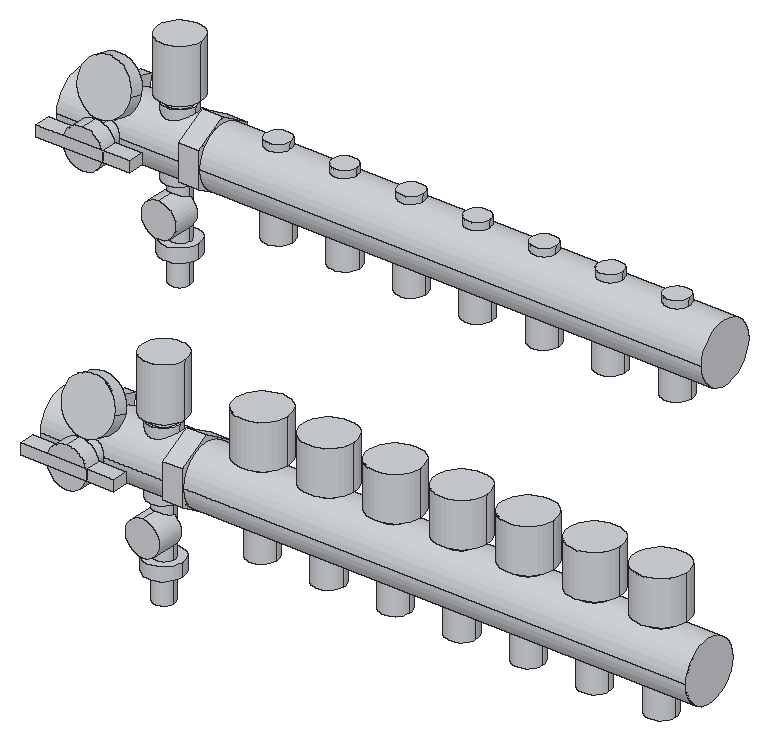
Revit family "318_dba5bdd3bf904ccfaea6eb69f10d79", category Pipe Accessories, Revit 2017
Family settings
  Round Connector Dimension = Use Diameter
  Part Type = Valve - Normal
  Work Plane-Based = No
  Always vertical = Yes
  Cut with Voids When Loaded = No
  Shared = No
Parameters (values of type "R553DK107")
  magi_piping_qv_2_7 [instance] = 0.0 L/s
  magi_piping_qv_2_6 [instance] = 0.0 L/s
  magi_piping_qv_2_5 [instance] = 0.0 L/s
  magi_piping_qv_2_4 [instance] = 0.0 L/s
  magi_piping_qv_2_3 [instance] = 0.0 L/s
  magi_piping_qv_2_2 [instance] = 0.0 L/s
  magi_piping_qv_2_1 [instance] = 0.0 L/s
  magi_piping_qv_1_7 [instance] = 0.0 L/s
  magi_piping_qv_1_6 [instance] = 0.0 L/s
  magi_piping_qv_1_5 [instance] = 0.0 L/s
  magi_piping_qv_1_4 [instance] = 0.0 L/s
  magi_piping_qv_1_3 [instance] = 0.0 L/s
  magi_piping_qv_1_2 [instance] = 0.0 L/s
  magi_piping_qv_1_1 [instance] = 0.0 L/s
  magi_piping_qv [instance] = 0.0 L/s
  magi_piping_power_7 [instance] = 0 W
  magi_piping_power_6 [instance] = 0 W
  magi_piping_power_5 [instance] = 0 W
  magi_piping_power_4 [instance] = 0 W
  magi_piping_power_3 [instance] = 0 W
  magi_piping_power_2 [instance] = 0 W
  magi_piping_power_1 [instance] = 0 W
  magi_piping_kv_7 [instance] = 0
  magi_piping_kv_6 [instance] = 0
  magi_piping_kv_5 [instance] = 0
  magi_piping_kv_4 [instance] = 0
  magi_piping_kv_3 [instance] = 0
  magi_piping_kv_2 [instance] = 0
  magi_piping_kv_1 [instance] = 0
  magi_piping_dpTot_7 [instance] = 0.0 Pa
  magi_piping_dpTot_6 [instance] = 0.0 Pa
  magi_piping_dpTot_5 [instance] = 0.0 Pa
  magi_piping_dpTot_4 [instance] = 0.0 Pa
  magi_piping_dpTot_3 [instance] = 0.0 Pa
  magi_piping_dpTot_2 [instance] = 0.0 Pa
  magi_piping_dpTot_1 [instance] = 0.0 Pa
  magi_adjustmentValue_7 [instance] = ""
  magi_adjustmentValue_6 [instance] = ""
  magi_adjustmentValue_5 [instance] = ""
  magi_adjustmentValue_4 [instance] = ""
  magi_adjustmentValue_3 [instance] = ""
  magi_adjustmentValue_2 [instance] = ""
  magi_adjustmentValue_1 [instance] = ""
  magiProductId = "dba5bdd3bf904ccfaea6eb69f10d79"
  magiProductFamilyId = "dba5bdd3bf904ccfaea6eb69f10d79"
  magiProductCode = "R553DK107"
  magiPartTypeId = 318
  Y = 15 mm
  VersionID = "2.0/2016.10.37.0/GIACOMINI_R553DK_001"
  URL = "http://www.giacomini.com/en"
  SMP = 25 mm
  SBP9 = 18 mm
  SBP8 = 18 mm
  SBP7 = 18 mm
  SBP6 = 18 mm
  SBP5 = 18 mm
  SBP4 = 18 mm
  SBP3 = 18 mm
  SBP2 = 18 mm
  SBP12 = 18 mm
  SBP11 = 18 mm
  SBP10 = 18 mm
  SBP1 = 18 mm
  RMP = 25 mm
  RBP9 = 18 mm
  RBP8 = 18 mm
  RBP7 = 18 mm
  RBP6 = 18 mm
  RBP5 = 18 mm
  RBP4 = 18 mm
  RBP3 = 18 mm
  RBP2 = 18 mm
  RBP12 = 18 mm
  RBP11 = 18 mm
  RBP10 = 18 mm
  RBP1 = 18 mm
  R2 = 22 mm
  QmdConnectorList = "321;SMP;322;SBP1;323;SBP2;324;SBP3;325;SBP4;326;SBP5;327;SBP6;328;SBP7;351;RMP;352;RBP1;353;RBP2;354;RBP3;355;RBP4;356;RBP5;357;RBP6;358;RBP7"
  Productdata [instance] = "© Progman Oy, all rights reserved"
  N9 = no
  N8 = no
  N7 = yes
  N6 = yes
  N5 = yes
  N4 = yes
  N3 = yes
  N12 = no
  N11 = no
  N10 = no
  Manufacturer = "Giacomini"
  MC_Default_elevation = 0 mm
  L = 485 mm
  I = 50 mm
  H5 = 33 mm
  H4 = 5 mm
  H3__ve = -H3  # -40 mm
  H3 = 40 mm
  H11 = 5 mm
  Flow supply main [instance] = Flow supply 1 + Flow supply 2 + Flow supply 3 + Flow supply 4 + Flow supply 5 + Flow supply 6 + Flow supply 7  # 0.0 L/s
  Flow supply 7 [instance] = 0.0 L/s
  Flow supply 6 [instance] = 0.0 L/s
  Flow supply 5 [instance] = 0.0 L/s
  Flow supply 4 [instance] = 0.0 L/s
  Flow supply 3 [instance] = 0.0 L/s
  Flow supply 2 [instance] = 0.0 L/s
  Flow supply 1 [instance] = 0.0 L/s
  Flow return main [instance] = Flow return 1 + Flow return 2 + Flow return 3 + Flow return 4 + Flow return 5 + Flow return 6 + Flow return 7  # 0.0 L/s
  Flow return 7 [instance] = 0.0 L/s
  Flow return 6 [instance] = 0.0 L/s
  Flow return 5 [instance] = 0.0 L/s
  Flow return 4 [instance] = 0.0 L/s
  Flow return 3 [instance] = 0.0 L/s
  Flow return 2 [instance] = 0.0 L/s
  Flow return 1 [instance] = 0.0 L/s
  E = 208 mm
  Description = "PREASSEMBLED MANIFOLD KIT"
  D5 = 38 mm
  D4 = 22 mm
  D31 = 18 mm
  D2 = 44 mm
  CAT0 = yes
  A = 149 mm
Reference planes
  plane 1 "Center (Front/Back)": y = 0
  plane 2 "XYPLANE": z = 0
  plane 3 "Center (Left/Right)": x = 0
  plane 4 "INIT_TEMP": y = 100
  plane 5 "379": x = 699
  plane 6 "378": x = 649
  plane 7 "377": x = 599
  plane 8 "376": x = 549
  plane 9 "375": x = 499
  plane 10 "374": x = 449
  plane 11 "373": x = 399
  plane 12 "372": x = 349
  plane 13 "371": x = 299
  plane 14 "369": x = 249
  plane 15 "368": x = 199
  plane 16 "367": x = 149
  plane 17 "366": z = 22
  plane 18 "365": z = 0
  plane 19 "364": z = -208
  plane 20 "363": y = -15
  plane 21 "362": y = 0
  plane 22 "361": x = 0
  plane 23 "360": z = -40
  plane 24 "359": z = -186
  plane 25 "358": z = -181
  plane 26 "357": z = -248
  plane 27 "356": x = 75
  plane 28 "355": z = 26
  plane 29 "354": x = 92
  plane 30 "353": z = 31
  plane 31 "352": z = -26
  plane 32 "351": z = -46
  plane 33 "350": z = -66
  plane 34 "349": z = 30
  plane 35 "348": x = 38
  plane 36 "347": y = -33
  plane 37 "346": z = 30
  plane 38 "345": y = -15
  plane 39 "344": z = -182
  plane 40 "343": z = -177
  plane 41 "342": z = -234
  plane 42 "341": z = -254
  plane 43 "340": z = -274
  plane 44 "339": z = -178
  plane 45 "338": y = -30
  plane 46 "337": z = -178
  plane 47 "336": y = -48
  plane 48 "1055": through (-712, 0, 30) normal (0, 0.2588, 0.9659)
  plane 49 "1056": through (-712, -15, 30) normal (0, -0.9659, 0.2588)
  plane 50 "1057": through (-712, -30, -178) normal (0, 0.9659, -0.2588)
  plane 51 "1058": through (-712, -15, -178) normal (0, -0.2588, -0.9659)
Forms (mm)
  Extrusion 1, solid, visible <- "N12"
    sketch origin (-750, 0, 22) x (1, 0, 0) y (0, 1, 0)
      loop
        circle (1449, 0) r 9
    from 0 to 5 <- "H11"
  Extrusion 2, solid, visible <- "N11"
    sketch origin (-750, 0, 22) x (1, 0, 0) y (0, 1, 0)
      loop
        circle (1399, 0) r 9
    from 0 to 5 <- "H11"
  Extrusion 3, solid, visible <- "N9"
    sketch origin (-750, 0, 22) x (1, 0, 0) y (0, 1, 0)
      loop
        circle (1299, 0) r 9
    from 0 to 5 <- "H11"
  Extrusion 4, solid, visible <- "N10"
    sketch origin (-750, 0, 22) x (1, 0, 0) y (0, 1, 0)
      loop
        circle (1349, 0) r 9
    from 0 to 5 <- "H11"
  Extrusion 5, solid, visible <- "N8"
    sketch origin (-750, 0, 22) x (1, 0, 0) y (0, 1, 0)
      loop
        circle (1249, 0) r 9
    from 0 to 5 <- "H11"
  Extrusion 6, solid, visible <- "N7"
    sketch origin (-750, 0, 22) x (1, 0, 0) y (0, 1, 0)
      loop
        circle (1199, 0) r 9
    from 0 to 5 <- "H11"
  Extrusion 7, solid, visible <- "N6"
    sketch origin (-750, 0, 22) x (1, 0, 0) y (0, 1, 0)
      loop
        circle (1149, 0) r 9
    from 0 to 5 <- "H11"
  Extrusion 8, solid, visible <- "N5"
    sketch origin (-750, 0, 22) x (1, 0, 0) y (0, 1, 0)
      loop
        circle (1099, 0) r 9
    from 0 to 5 <- "H11"
  Extrusion 9, solid, visible <- "N4"
    sketch origin (-750, 0, 22) x (1, 0, 0) y (0, 1, 0)
      loop
        circle (1049, 0) r 9
    from 0 to 5 <- "H11"
  Extrusion 10, solid, visible <- "N3"
    sketch origin (-750, 0, 22) x (1, 0, 0) y (0, 1, 0)
      loop
        circle (999, 0) r 9
    from 0 to 5 <- "H11"
  Extrusion 11, solid
    sketch origin (-750, 0, 22) x (1, 0, 0) y (0, 1, 0)
      loop
        circle (949, 0) r 9
    from 0 to 5 <- "H11"
  Extrusion 12, solid
    sketch origin (-750, 0, 22) x (1, 0, 0) y (0, 1, 0)
      loop
        circle (899, 0) r 9
    from 0 to 5 <- "H11"
  Extrusion 13, solid, visible <- "CAT0"
    sketch origin (0, -750, 0) x (0, 1, 0) y (0, 0, 1)
      loop
        circle (750, 0) r 22
    from 0 to 485 <- "L"
  Extrusion 14, solid
    sketch origin (-750, 0, 0) x (1, 0, 0) y (0, 1, 0)
      loop
        circle (899, 0) r 11
    from 0 to -40 <- "H3__ve"
  Extrusion 15, solid
    sketch origin (-750, 0, 0) x (1, 0, 0) y (0, 1, 0)
      loop
        circle (949, 0) r 11
    from 0 to -40 <- "H3__ve"
  Extrusion 16, solid, visible <- "N3"
    sketch origin (-750, 0, 0) x (1, 0, 0) y (0, 1, 0)
      loop
        circle (999, 0) r 11
    from 0 to -40 <- "H3__ve"
  Extrusion 17, solid, visible <- "N4"
    sketch origin (-750, 0, 0) x (1, 0, 0) y (0, 1, 0)
      loop
        circle (1049, 0) r 11
    from 0 to -40 <- "H3__ve"
  Extrusion 18, solid, visible <- "N5"
    sketch origin (-750, 0, 0) x (1, 0, 0) y (0, 1, 0)
      loop
        circle (1099, 0) r 11
    from 0 to -40 <- "H3__ve"
  Extrusion 19, solid, visible <- "N6"
    sketch origin (-750, 0, 0) x (1, 0, 0) y (0, 1, 0)
      loop
        circle (1149, 0) r 11
    from 0 to -40 <- "H3__ve"
  Extrusion 20, solid, visible <- "N7"
    sketch origin (-750, 0, 0) x (1, 0, 0) y (0, 1, 0)
      loop
        circle (1199, 0) r 11
    from 0 to -40 <- "H3__ve"
  Extrusion 21, solid, visible <- "N12"
    sketch origin (-750, 0, 0) x (1, 0, 0) y (0, 1, 0)
      loop
        circle (1449, 0) r 11
    from 0 to -40 <- "H3__ve"
  Extrusion 22, solid, visible <- "N11"
    sketch origin (-750, 0, 0) x (1, 0, 0) y (0, 1, 0)
      loop
        circle (1399, 0) r 11
    from 0 to -40 <- "H3__ve"
  Extrusion 23, solid, visible <- "N10"
    sketch origin (-750, 0, 0) x (1, 0, 0) y (0, 1, 0)
      loop
        circle (1349, 0) r 11
    from 0 to -40 <- "H3__ve"
  Extrusion 24, solid, visible <- "N9"
    sketch origin (-750, 0, 0) x (1, 0, 0) y (0, 1, 0)
      loop
        circle (1299, 0) r 11
    from 0 to -40 <- "H3__ve"
  Extrusion 25, solid, visible <- "N8"
    sketch origin (-750, 0, 0) x (1, 0, 0) y (0, 1, 0)
      loop
        circle (1249, 0) r 11
    from 0 to -40 <- "H3__ve"
  Extrusion 26, solid, visible <- "CAT0"
    sketch origin (0, -750, 0) x (0, 1, 0) y (0, 0, 1)
      loop
        circle (735, -208) r 22
    from 0 to 485 <- "L"
  Extrusion 27, solid
    sketch origin (-750, 0, -208) x (1, 0, 0) y (0, 1, 0)
      loop
        circle (949, -15) r 11
    from 0 to -40 <- "H3__ve"
  Extrusion 28, solid
    sketch origin (-750, 0, -208) x (1, 0, 0) y (0, 1, 0)
      loop
        circle (899, -15) r 11
    from 0 to -40 <- "H3__ve"
  Extrusion 29, solid, visible <- "N3"
    sketch origin (-750, 0, -208) x (1, 0, 0) y (0, 1, 0)
      loop
        circle (999, -15) r 11
    from 0 to -40 <- "H3__ve"
  Extrusion 30, solid
    sketch origin (-750, 0, -186) x (1, 0, 0) y (0, 1, 0)
      loop
        circle (899, -15) r 11
    from 0 to 5 <- "H4"
  Extrusion 31, solid
    sketch origin (-750, 0, -181) x (1, 0, 0) y (0, 1, 0)
      loop
        circle (899, -15) r 19
    from 0 to 33 <- "H5"
  Extrusion 32, solid
    sketch origin (-750, 0, -181) x (1, 0, 0) y (0, 1, 0)
      loop
        circle (949, -15) r 19
    from 0 to 33 <- "H5"
  Extrusion 33, solid
    sketch origin (-750, 0, -186) x (1, 0, 0) y (0, 1, 0)
      loop
        circle (949, -15) r 11
    from 0 to 5 <- "H4"
  Extrusion 34, solid, visible <- "N3"
    sketch origin (-750, 0, -186) x (1, 0, 0) y (0, 1, 0)
      loop
        circle (999, -15) r 11
    from 0 to 5 <- "H4"
  Extrusion 35, solid, visible <- "N3"
    sketch origin (-750, 0, -181) x (1, 0, 0) y (0, 1, 0)
      loop
        circle (999, -15) r 19
    from 0 to 33 <- "H5"
  Extrusion 36, solid, visible <- "N4"
    sketch origin (-750, 0, -181) x (1, 0, 0) y (0, 1, 0)
      loop
        circle (1049, -15) r 19
    from 0 to 33 <- "H5"
  Extrusion 37, solid, visible <- "N4"
    sketch origin (-750, 0, -186) x (1, 0, 0) y (0, 1, 0)
      loop
        circle (1049, -15) r 11
    from 0 to 5 <- "H4"
  Extrusion 38, solid, visible <- "N4"
    sketch origin (-750, 0, -208) x (1, 0, 0) y (0, 1, 0)
      loop
        circle (1049, -15) r 11
    from 0 to -40 <- "H3__ve"
  Extrusion 39, solid, visible <- "N5"
    sketch origin (-750, 0, -208) x (1, 0, 0) y (0, 1, 0)
      loop
        circle (1099, -15) r 11
    from 0 to -40 <- "H3__ve"
  Extrusion 40, solid, visible <- "N5"
    sketch origin (-750, 0, -186) x (1, 0, 0) y (0, 1, 0)
      loop
        circle (1099, -15) r 11
    from 0 to 5 <- "H4"
  Extrusion 41, solid, visible <- "N5"
    sketch origin (-750, 0, -181) x (1, 0, 0) y (0, 1, 0)
      loop
        circle (1099, -15) r 19
    from 0 to 33 <- "H5"
  Extrusion 42, solid, visible <- "N6"
    sketch origin (-750, 0, -181) x (1, 0, 0) y (0, 1, 0)
      loop
        circle (1149, -15) r 19
    from 0 to 33 <- "H5"
  Extrusion 43, solid, visible <- "N6"
    sketch origin (-750, 0, -186) x (1, 0, 0) y (0, 1, 0)
      loop
        circle (1149, -15) r 11
    from 0 to 5 <- "H4"
  Extrusion 44, solid, visible <- "N6"
    sketch origin (-750, 0, -208) x (1, 0, 0) y (0, 1, 0)
      loop
        circle (1149, -15) r 11
    from 0 to -40 <- "H3__ve"
  Extrusion 45, solid, visible <- "N7"
    sketch origin (-750, 0, -208) x (1, 0, 0) y (0, 1, 0)
      loop
        circle (1199, -15) r 11
    from 0 to -40 <- "H3__ve"
  Extrusion 46, solid, visible <- "N7"
    sketch origin (-750, 0, -186) x (1, 0, 0) y (0, 1, 0)
      loop
        circle (1199, -15) r 11
    from 0 to 5 <- "H4"
  Extrusion 47, solid, visible <- "N7"
    sketch origin (-750, 0, -181) x (1, 0, 0) y (0, 1, 0)
      loop
        circle (1199, -15) r 19
    from 0 to 33 <- "H5"
  Extrusion 48, solid, visible <- "N9"
    sketch origin (-750, 0, -181) x (1, 0, 0) y (0, 1, 0)
      loop
        circle (1299, -15) r 19
    from 0 to 33 <- "H5"
  Extrusion 49, solid, visible <- "N9"
    sketch origin (-750, 0, -186) x (1, 0, 0) y (0, 1, 0)
      loop
        circle (1299, -15) r 11
    from 0 to 5 <- "H4"
  Extrusion 50, solid, visible <- "N9"
    sketch origin (-750, 0, -208) x (1, 0, 0) y (0, 1, 0)
      loop
        circle (1299, -15) r 11
    from 0 to -40 <- "H3__ve"
  Extrusion 51, solid, visible <- "N8"
    sketch origin (-750, 0, -208) x (1, 0, 0) y (0, 1, 0)
      loop
        circle (1249, -15) r 11
    from 0 to -40 <- "H3__ve"
  Extrusion 52, solid, visible <- "N8"
    sketch origin (-750, 0, -186) x (1, 0, 0) y (0, 1, 0)
      loop
        circle (1249, -15) r 11
    from 0 to 5 <- "H4"
  Extrusion 53, solid, visible <- "N8"
    sketch origin (-750, 0, -181) x (1, 0, 0) y (0, 1, 0)
      loop
        circle (1249, -15) r 19
    from 0 to 33 <- "H5"
  Extrusion 54, solid, visible <- "N11"
    sketch origin (-750, 0, -181) x (1, 0, 0) y (0, 1, 0)
      loop
        circle (1399, -15) r 19
    from 0 to 33 <- "H5"
  Extrusion 55, solid, visible <- "N11"
    sketch origin (-750, 0, -186) x (1, 0, 0) y (0, 1, 0)
      loop
        circle (1399, -15) r 11
    from 0 to 5 <- "H4"
  Extrusion 56, solid, visible <- "N11"
    sketch origin (-750, 0, -208) x (1, 0, 0) y (0, 1, 0)
      loop
        circle (1399, -15) r 11
    from 0 to -40 <- "H3__ve"
  Extrusion 57, solid, visible <- "N12"
    sketch origin (-750, 0, -208) x (1, 0, 0) y (0, 1, 0)
      loop
        circle (1449, -15) r 11
    from 0 to -40 <- "H3__ve"
  Extrusion 58, solid, visible <- "N12"
    sketch origin (-750, 0, -186) x (1, 0, 0) y (0, 1, 0)
      loop
        circle (1449, -15) r 11
    from 0 to 5 <- "H4"
  Extrusion 59, solid, visible <- "N12"
    sketch origin (-750, 0, -181) x (1, 0, 0) y (0, 1, 0)
      loop
        circle (1449, -15) r 19
    from 0 to 33 <- "H5"
  Extrusion 60, solid, visible <- "N10"
    sketch origin (-750, 0, -181) x (1, 0, 0) y (0, 1, 0)
      loop
        circle (1349, -15) r 19
    from 0 to 33 <- "H5"
  Extrusion 61, solid, visible <- "N10"
    sketch origin (-750, 0, -186) x (1, 0, 0) y (0, 1, 0)
      loop
        circle (1349, -15) r 11
    from 0 to 5 <- "H4"
  Extrusion 62, solid, visible <- "N10"
    sketch origin (-750, 0, -208) x (1, 0, 0) y (0, 1, 0)
      loop
        circle (1349, -15) r 11
    from 0 to -40 <- "H3__ve"
  Extrusion 63, solid
    sketch origin (-750, 0, 26) x (1, 0, 0) y (0, 1, 0)
      loop
        circle (825, 0) r 12
    from 0 to -52
  Extrusion 64, solid
    sketch origin (92, -750, 0) x (0, 1, 0) y (0, 0, 1)
      loop
        line (750, 26) -> (727.483, 13) -> (727.483, -13) -> (750, -26) -> (772.517, -13) -> (772.517, 13) -> (750, 26)
    from 0 to 15
  Extrusion 65, solid
    sketch origin (-750, 0, 26) x (1, 0, 0) y (0, 1, 0)
      loop
        circle (825, 0) r 10
    from 0 to 5
  Extrusion 66, solid
    sketch origin (-750, 0, 31) x (1, 0, 0) y (0, 1, 0)
      loop
        circle (825, 0) r 16
    from 0 to 40
  Extrusion 67, solid
    sketch origin (-750, 0, -26) x (1, 0, 0) y (0, 1, 0)
      loop
        circle (825, 0) r 7.5
    from 0 to -70
  Extrusion 68, solid
    sketch origin (750, 0, 0) x (-1, 0, 0) y (0, 0, 1)
      loop
        circle (675, -46) r 13
    from 0 to -20
  Extrusion 69, solid
    sketch origin (-750, 0, -66) x (1, 0, 0) y (0, 1, 0)
      loop
        circle (825, 0) r 14
    from 0 to -10
  Extrusion 70, solid
    sketch origin (750, -33, 0) x (-1, 0, 0) y (0, 0, 1)
      loop
        circle (712, 0) r 15
    from 0 to -12
  Extrusion 71, solid
    sketch origin (-712, 0, 30) x (1, 0, 0) y (0, 0.965926, -0.258819)
      loop
        line (746, 15) -> (746, -15) -> (754, -15) -> (754, 15) -> (746, 15)
    from 0 to -18
  Extrusion 72, solid
    sketch origin (750, 0, 0) x (-1, 0, 0) y (0, 0, 1)
      loop
        circle (712, 0) r 9
    from 0 to -33
  Extrusion 73, solid
    sketch origin (750, -33, 0) x (-1, 0, 0) y (0, 0, 1)
      loop
        line (677, 4) -> (677, -4) -> (747, -4) -> (747, 4) -> (677, 4)
    from 0 to -12
  Extrusion 74, solid
    sketch origin (-712, -15, 30) x (1, 0, 0) y (0, 0.258819, 0.965926)
      loop
        circle (750, 0) r 20
    from 0 to 10
  Extrusion 75, solid
    sketch origin (-750, 0, -274) x (1, 0, 0) y (0, 1, 0)
      loop
        circle (825, -15) r 14
    from 0 to -10
  Extrusion 76, solid
    sketch origin (750, -15, 0) x (-1, 0, 0) y (0, 0, 1)
      loop
        circle (675, -254) r 13
    from 0 to -20
  Extrusion 77, solid
    sketch origin (-750, 0, -234) x (1, 0, 0) y (0, 1, 0)
      loop
        circle (825, -15) r 7.5
    from 0 to -70
  Extrusion 78, solid
    sketch origin (-750, 0, -177) x (1, 0, 0) y (0, 1, 0)
      loop
        circle (825, -15) r 16
    from 0 to 40
  Extrusion 79, solid
    sketch origin (-750, 0, -182) x (1, 0, 0) y (0, 1, 0)
      loop
        circle (825, -15) r 10
    from 0 to 5
  Extrusion 80, solid
    sketch origin (92, -750, 0) x (0, 1, 0) y (0, 0, 1)
      loop
        line (735, -182) -> (712.483, -195) -> (712.483, -221) -> (735, -234) -> (757.517, -221) -> (757.517, -195) -> (735, -182)
    from 0 to 15
  Extrusion 81, solid
    sketch origin (-750, 0, -182) x (1, 0, 0) y (0, 1, 0)
      loop
        circle (825, -15) r 12
    from 0 to -52
  Extrusion 82, solid
    sketch origin (-712, -30, -178) x (1, 0, 0) y (0, -0.258819, -0.965926)
      loop
        circle (750, 0) r 20
    from 0 to -10
  Extrusion 83, solid
    sketch origin (750, -48, 0) x (-1, 0, 0) y (0, 0, 1)
      loop
        line (677, -204) -> (677, -212) -> (747, -212) -> (747, -204) -> (677, -204)
    from 0 to -12
  Extrusion 84, solid
    sketch origin (750, -15, 0) x (-1, 0, 0) y (0, 0, 1)
      loop
        circle (712, -208) r 9
    from 0 to -33
  Extrusion 85, solid
    sketch origin (-712, -15, -178) x (1, 0, 0) y (0, -0.965926, 0.258819)
      loop
        line (746, -15) -> (754, -15) -> (754, 15) -> (746, 15) -> (746, -15)
    from 0 to 18
  Extrusion 86, solid
    sketch origin (750, -48, 0) x (-1, 0, 0) y (0, 0, 1)
      loop
        circle (712, -208) r 15
    from 0 to -12
  Extrusion 87, solid, not visible
    sketch origin (-750, 0, -40) x (1, 0, 0) y (0, 1, 0)
      loop
        circle (949, 0) r 10
    from 0 to 10
  Extrusion 88, solid, not visible
    sketch origin (-750, 0, -40) x (1, 0, 0) y (0, 1, 0)
      loop
        circle (899, 0) r 10
    from 0 to 10
  Extrusion 89, solid, not visible
    sketch origin (0, -750, 0) x (0, 1, 0) y (0, 0, 1)
      loop
        circle (735, -208) r 10
    from 0 to 10
  Extrusion 90, solid, not visible
    sketch origin (0, -750, 0) x (0, 1, 0) y (0, 0, 1)
      loop
        circle (750, 0) r 10
    from 0 to 10
  Extrusion 91, solid, not visible
    sketch origin (-750, 0, -40) x (1, 0, 0) y (0, 1, 0)
      loop
        circle (999, 0) r 10
    from 0 to 10
  Extrusion 92, solid, not visible
    sketch origin (-750, 0, -40) x (1, 0, 0) y (0, 1, 0)
      loop
        circle (1049, 0) r 10
    from 0 to 10
  Extrusion 93, solid, not visible
    sketch origin (-750, 0, -40) x (1, 0, 0) y (0, 1, 0)
      loop
        circle (1099, 0) r 10
    from 0 to 10
  Extrusion 94, solid, not visible
    sketch origin (-750, 0, -40) x (1, 0, 0) y (0, 1, 0)
      loop
        circle (1149, 0) r 10
    from 0 to 10
  Extrusion 95, solid, not visible
    sketch origin (-750, 0, -40) x (1, 0, 0) y (0, 1, 0)
      loop
        circle (1199, 0) r 10
    from 0 to 10
  Extrusion 96, solid, not visible
    sketch origin (-750, 0, -248) x (1, 0, 0) y (0, 1, 0)
      loop
        circle (999, -15) r 10
    from 0 to 10
  Extrusion 97, solid, not visible
    sketch origin (-750, 0, -248) x (1, 0, 0) y (0, 1, 0)
      loop
        circle (899, -15) r 10
    from 0 to 10
  Extrusion 98, solid, not visible
    sketch origin (-750, 0, -248) x (1, 0, 0) y (0, 1, 0)
      loop
        circle (949, -15) r 10
    from 0 to 10
  Extrusion 99, solid, not visible
    sketch origin (-750, 0, -248) x (1, 0, 0) y (0, 1, 0)
      loop
        circle (1049, -15) r 10
    from 0 to 10
  Extrusion 100, solid, not visible
    sketch origin (-750, 0, -248) x (1, 0, 0) y (0, 1, 0)
      loop
        circle (1099, -15) r 10
    from 0 to 10
  Extrusion 101, solid, not visible
    sketch origin (-750, 0, -248) x (1, 0, 0) y (0, 1, 0)
      loop
        circle (1149, -15) r 10
    from 0 to 10
  Extrusion 102, solid, not visible
    sketch origin (-750, 0, -248) x (1, 0, 0) y (0, 1, 0)
      loop
        circle (1199, -15) r 10
    from 0 to 10
Text (mm)
  text "© Progman Oy, all rights reserved" at (-472.209, -2482.653, 0), in view "Ref. Level"
Dimensions and locks
  plane 4 "INIT_TEMP" to plane 1 "Center (Front/Back)" = 100 mm
  "I": plane 6 "378" to plane 5 "379"
  "I": plane 7 "377" to plane 6 "378"
  "I": plane 8 "376" to plane 7 "377"
  "I": plane 9 "375" to plane 8 "376"
  "I": plane 10 "374" to plane 9 "375"
  "I": plane 11 "373" to plane 10 "374"
  "I": plane 12 "372" to plane 11 "373"
  "I": plane 13 "371" to plane 12 "372"
  "I": plane 14 "369" to plane 13 "371"
  "I": plane 15 "368" to plane 14 "369"
  "I": plane 16 "367" to plane 15 "368"
  "A": plane 3 "Center (Left/Right)" to plane 16 "367"
  "R2": plane 2 "XYPLANE" to plane 17 "366"
  locked: plane 2 "XYPLANE" to plane 18 "365"
  "E": plane 2 "XYPLANE" to plane 19 "364"
  "Y": plane 1 "Center (Front/Back)" to plane 20 "363"
  locked: plane 1 "Center (Front/Back)" to plane 21 "362"
  locked: plane 3 "Center (Left/Right)" to plane 22 "361"
  "H3": plane 2 "XYPLANE" to plane 23 "360"
  "R2": plane 19 "364" to plane 24 "359"
  "H4": plane 24 "359" to plane 25 "358"
  "H3": plane 19 "364" to plane 26 "357"
  locked: plane 3 "Center (Left/Right)" to plane 27 "356" at 75
  locked: plane 2 "XYPLANE" to plane 28 "355" at 26
  locked: plane 27 "356" to plane 29 "354" at 17
  locked: plane 28 "355" to plane 30 "353" at 5
  locked: plane 28 "355" to plane 31 "352" at 52
  locked: plane 31 "352" to plane 32 "351" at 20
  locked: plane 31 "352" to plane 33 "350" at 40
  locked: plane 2 "XYPLANE" to plane 34 "349" at 30
  locked: plane 3 "Center (Left/Right)" to plane 35 "348" at 38
  locked: plane 1 "Center (Front/Back)" to plane 36 "347" at 33
  locked: plane 2 "XYPLANE" to plane 37 "346" at 30
  locked: plane 1 "Center (Front/Back)" to plane 38 "345" at 15
  locked: plane 19 "364" to plane 39 "344" at 26
  locked: plane 39 "344" to plane 40 "343" at 5
  locked: plane 39 "344" to plane 41 "342" at 52
  locked: plane 41 "342" to plane 42 "341" at 20
  locked: plane 41 "342" to plane 43 "340" at 40
  locked: plane 19 "364" to plane 44 "339" at 30
  locked: plane 20 "363" to plane 45 "338" at 15
  locked: plane 19 "364" to plane 46 "337" at 30
  locked: plane 20 "363" to plane 47 "336" at 33
  "D31": diameter of Extrusion 1 sketch curve
  "D31": diameter of Extrusion 2 sketch curve
  "D31": diameter of Extrusion 3 sketch curve
  "D31": diameter of Extrusion 4 sketch curve
  "D31": diameter of Extrusion 5 sketch curve
  "D31": diameter of Extrusion 6 sketch curve
  "D31": diameter of Extrusion 7 sketch curve
  "D31": diameter of Extrusion 8 sketch curve
  "D31": diameter of Extrusion 9 sketch curve
  "D31": diameter of Extrusion 10 sketch curve
  "D31": diameter of Extrusion 11 sketch curve
  "D31": diameter of Extrusion 12 sketch curve
  "D2": diameter of Extrusion 13 sketch curve
  "D4": diameter of Extrusion 14 sketch curve
  "D4": diameter of Extrusion 15 sketch curve
  "D4": diameter of Extrusion 16 sketch curve
  "D4": diameter of Extrusion 17 sketch curve
  "D4": diameter of Extrusion 18 sketch curve
  "D4": diameter of Extrusion 19 sketch curve
  "D4": diameter of Extrusion 20 sketch curve
  "D4": diameter of Extrusion 21 sketch curve
  "D4": diameter of Extrusion 22 sketch curve
  "D4": diameter of Extrusion 23 sketch curve
  "D4": diameter of Extrusion 24 sketch curve
  "D4": diameter of Extrusion 25 sketch curve
  "D2": diameter of Extrusion 26 sketch curve
  "D4": diameter of Extrusion 27 sketch curve
  "D4": diameter of Extrusion 28 sketch curve
  "D4": diameter of Extrusion 29 sketch curve
  "D4": diameter of Extrusion 30 sketch curve
  "D5": diameter of Extrusion 31 sketch curve
  "D5": diameter of Extrusion 32 sketch curve
  "D4": diameter of Extrusion 33 sketch curve
  "D4": diameter of Extrusion 34 sketch curve
  "D5": diameter of Extrusion 35 sketch curve
  "D5": diameter of Extrusion 36 sketch curve
  "D4": diameter of Extrusion 37 sketch curve
  "D4": diameter of Extrusion 38 sketch curve
  "D4": diameter of Extrusion 39 sketch curve
  "D4": diameter of Extrusion 40 sketch curve
  "D5": diameter of Extrusion 41 sketch curve
  "D5": diameter of Extrusion 42 sketch curve
  "D4": diameter of Extrusion 43 sketch curve
  "D4": diameter of Extrusion 44 sketch curve
  "D4": diameter of Extrusion 45 sketch curve
  "D4": diameter of Extrusion 46 sketch curve
  "D5": diameter of Extrusion 47 sketch curve
  "D5": diameter of Extrusion 48 sketch curve
  "D4": diameter of Extrusion 49 sketch curve
  "D4": diameter of Extrusion 50 sketch curve
  "D4": diameter of Extrusion 51 sketch curve
  "D4": diameter of Extrusion 52 sketch curve
  "D5": diameter of Extrusion 53 sketch curve
  "D5": diameter of Extrusion 54 sketch curve
  "D4": diameter of Extrusion 55 sketch curve
  "D4": diameter of Extrusion 56 sketch curve
  "D4": diameter of Extrusion 57 sketch curve
  "D4": diameter of Extrusion 58 sketch curve
  "D5": diameter of Extrusion 59 sketch curve
  "D5": diameter of Extrusion 60 sketch curve
  "D4": diameter of Extrusion 61 sketch curve
  "D4": diameter of Extrusion 62 sketch curve
  aligned and locked: level to plane 2 "XYPLANE"
  aligned and locked: plane 5 "379" to Extrusion 1 sketch curve
  aligned and locked: plane 21 "362" to Extrusion 1 sketch curve
  aligned and locked: plane 6 "378" to Extrusion 2 sketch curve
  aligned and locked: plane 21 "362" to Extrusion 2 sketch curve
  aligned and locked: plane 8 "376" to Extrusion 3 sketch curve
  aligned and locked: plane 21 "362" to Extrusion 3 sketch curve
  aligned and locked: plane 7 "377" to Extrusion 4 sketch curve
  aligned and locked: plane 21 "362" to Extrusion 4 sketch curve
  aligned and locked: plane 9 "375" to Extrusion 5 sketch curve
  aligned and locked: plane 21 "362" to Extrusion 5 sketch curve
  aligned and locked: plane 10 "374" to Extrusion 6 sketch curve
  aligned and locked: plane 21 "362" to Extrusion 6 sketch curve
  aligned and locked: plane 11 "373" to Extrusion 7 sketch curve
  aligned and locked: plane 21 "362" to Extrusion 7 sketch curve
  aligned and locked: plane 12 "372" to Extrusion 8 sketch curve
  aligned and locked: plane 21 "362" to Extrusion 8 sketch curve
  aligned and locked: plane 13 "371" to Extrusion 9 sketch curve
  aligned and locked: plane 21 "362" to Extrusion 9 sketch curve
  aligned and locked: plane 14 "369" to Extrusion 10 sketch curve
  aligned and locked: plane 21 "362" to Extrusion 10 sketch curve
  aligned and locked: plane 15 "368" to Extrusion 11 sketch curve
  aligned and locked: plane 21 "362" to Extrusion 11 sketch curve
  aligned and locked: plane 16 "367" to Extrusion 12 sketch curve
  aligned and locked: plane 21 "362" to Extrusion 12 sketch curve
  aligned and locked: plane 18 "365" to Extrusion 13 sketch curve
  aligned and locked: Extrusion 13 sketch curve to plane 21 "362"
  aligned and locked: plane 16 "367" to Extrusion 14 sketch curve
  aligned and locked: plane 21 "362" to Extrusion 14 sketch curve
  aligned and locked: plane 15 "368" to Extrusion 15 sketch curve
  aligned and locked: plane 21 "362" to Extrusion 15 sketch curve
  aligned and locked: plane 14 "369" to Extrusion 16 sketch curve
  aligned and locked: plane 21 "362" to Extrusion 16 sketch curve
  aligned and locked: plane 13 "371" to Extrusion 17 sketch curve
  aligned and locked: plane 21 "362" to Extrusion 17 sketch curve
  aligned and locked: plane 12 "372" to Extrusion 18 sketch curve
  aligned and locked: plane 21 "362" to Extrusion 18 sketch curve
  aligned and locked: plane 11 "373" to Extrusion 19 sketch curve
  aligned and locked: plane 21 "362" to Extrusion 19 sketch curve
  aligned and locked: plane 10 "374" to Extrusion 20 sketch curve
  aligned and locked: plane 21 "362" to Extrusion 20 sketch curve
  aligned and locked: plane 5 "379" to Extrusion 21 sketch curve
  aligned and locked: plane 21 "362" to Extrusion 21 sketch curve
  aligned and locked: plane 6 "378" to Extrusion 22 sketch curve
  aligned and locked: plane 21 "362" to Extrusion 22 sketch curve
  aligned and locked: plane 7 "377" to Extrusion 23 sketch curve
  aligned and locked: plane 21 "362" to Extrusion 23 sketch curve
  aligned and locked: plane 8 "376" to Extrusion 24 sketch curve
  aligned and locked: plane 21 "362" to Extrusion 24 sketch curve
  aligned and locked: plane 9 "375" to Extrusion 25 sketch curve
  aligned and locked: plane 21 "362" to Extrusion 25 sketch curve
  aligned and locked: plane 19 "364" to Extrusion 26 sketch curve
  aligned and locked: Extrusion 26 sketch curve to plane 20 "363"
  aligned and locked: plane 15 "368" to Extrusion 27 sketch curve
  aligned and locked: plane 20 "363" to Extrusion 27 sketch curve
  aligned and locked: plane 16 "367" to Extrusion 28 sketch curve
  aligned and locked: plane 20 "363" to Extrusion 28 sketch curve
  aligned and locked: plane 14 "369" to Extrusion 29 sketch curve
  aligned and locked: plane 20 "363" to Extrusion 29 sketch curve
  aligned and locked: plane 16 "367" to Extrusion 30 sketch curve
  aligned and locked: plane 20 "363" to Extrusion 30 sketch curve
  aligned and locked: plane 16 "367" to Extrusion 31 sketch curve
  aligned and locked: plane 20 "363" to Extrusion 31 sketch curve
  aligned and locked: plane 15 "368" to Extrusion 32 sketch curve
  aligned and locked: plane 20 "363" to Extrusion 32 sketch curve
  aligned and locked: plane 15 "368" to Extrusion 33 sketch curve
  aligned and locked: plane 20 "363" to Extrusion 33 sketch curve
  aligned and locked: plane 14 "369" to Extrusion 34 sketch curve
  aligned and locked: plane 20 "363" to Extrusion 34 sketch curve
  aligned and locked: plane 14 "369" to Extrusion 35 sketch curve
  aligned and locked: plane 20 "363" to Extrusion 35 sketch curve
  aligned and locked: plane 13 "371" to Extrusion 36 sketch curve
  aligned and locked: plane 20 "363" to Extrusion 36 sketch curve
  aligned and locked: plane 13 "371" to Extrusion 37 sketch curve
  aligned and locked: plane 20 "363" to Extrusion 37 sketch curve
  aligned and locked: plane 13 "371" to Extrusion 38 sketch curve
  aligned and locked: plane 20 "363" to Extrusion 38 sketch curve
  aligned and locked: plane 12 "372" to Extrusion 39 sketch curve
  aligned and locked: plane 20 "363" to Extrusion 39 sketch curve
  aligned and locked: plane 12 "372" to Extrusion 40 sketch curve
  aligned and locked: plane 20 "363" to Extrusion 40 sketch curve
  aligned and locked: plane 12 "372" to Extrusion 41 sketch curve
  aligned and locked: plane 20 "363" to Extrusion 41 sketch curve
  aligned and locked: plane 11 "373" to Extrusion 42 sketch curve
  aligned and locked: plane 20 "363" to Extrusion 42 sketch curve
  aligned and locked: plane 11 "373" to Extrusion 43 sketch curve
  aligned and locked: plane 20 "363" to Extrusion 43 sketch curve
  aligned and locked: plane 11 "373" to Extrusion 44 sketch curve
  aligned and locked: plane 20 "363" to Extrusion 44 sketch curve
  aligned and locked: plane 10 "374" to Extrusion 45 sketch curve
  aligned and locked: plane 20 "363" to Extrusion 45 sketch curve
  aligned and locked: plane 10 "374" to Extrusion 46 sketch curve
  aligned and locked: plane 20 "363" to Extrusion 46 sketch curve
  aligned and locked: plane 10 "374" to Extrusion 47 sketch curve
  aligned and locked: plane 20 "363" to Extrusion 47 sketch curve
  aligned and locked: plane 8 "376" to Extrusion 48 sketch curve
  aligned and locked: plane 20 "363" to Extrusion 48 sketch curve
  aligned and locked: plane 8 "376" to Extrusion 49 sketch curve
  aligned and locked: plane 20 "363" to Extrusion 49 sketch curve
  aligned and locked: plane 8 "376" to Extrusion 50 sketch curve
  aligned and locked: plane 20 "363" to Extrusion 50 sketch curve
  aligned and locked: plane 9 "375" to Extrusion 51 sketch curve
  aligned and locked: plane 20 "363" to Extrusion 51 sketch curve
  aligned and locked: plane 9 "375" to Extrusion 52 sketch curve
  aligned and locked: plane 20 "363" to Extrusion 52 sketch curve
  aligned and locked: plane 9 "375" to Extrusion 53 sketch curve
  aligned and locked: plane 20 "363" to Extrusion 53 sketch curve
  aligned and locked: plane 6 "378" to Extrusion 54 sketch curve
  aligned and locked: plane 20 "363" to Extrusion 54 sketch curve
  aligned and locked: plane 6 "378" to Extrusion 55 sketch curve
  aligned and locked: plane 20 "363" to Extrusion 55 sketch curve
  aligned and locked: plane 6 "378" to Extrusion 56 sketch curve
  aligned and locked: plane 20 "363" to Extrusion 56 sketch curve
  aligned and locked: plane 5 "379" to Extrusion 57 sketch curve
  aligned and locked: plane 20 "363" to Extrusion 57 sketch curve
  aligned and locked: plane 5 "379" to Extrusion 58 sketch curve
  aligned and locked: plane 20 "363" to Extrusion 58 sketch curve
  aligned and locked: plane 5 "379" to Extrusion 59 sketch curve
  aligned and locked: plane 20 "363" to Extrusion 59 sketch curve
  aligned and locked: plane 7 "377" to Extrusion 60 sketch curve
  aligned and locked: plane 20 "363" to Extrusion 60 sketch curve
  aligned and locked: plane 7 "377" to Extrusion 61 sketch curve
  aligned and locked: plane 20 "363" to Extrusion 61 sketch curve
  aligned and locked: plane 7 "377" to Extrusion 62 sketch curve
  aligned and locked: plane 20 "363" to Extrusion 62 sketch curve
  aligned and locked: plane 21 "362" to Extrusion 63 sketch curve
  aligned and locked: plane 27 "356" to Extrusion 63 sketch curve
  aligned and locked: plane 21 "362" to Extrusion 65 sketch curve
  aligned and locked: plane 27 "356" to Extrusion 65 sketch curve
  aligned and locked: plane 21 "362" to Extrusion 66 sketch curve
  aligned and locked: plane 27 "356" to Extrusion 66 sketch curve
  aligned and locked: plane 21 "362" to Extrusion 67 sketch curve
  aligned and locked: plane 27 "356" to Extrusion 67 sketch curve
  aligned and locked: plane 27 "356" to Extrusion 68 sketch curve
  aligned and locked: plane 32 "351" to Extrusion 68 sketch curve
  aligned and locked: plane 21 "362" to Extrusion 69 sketch curve
  aligned and locked: plane 27 "356" to Extrusion 69 sketch curve
  aligned and locked: plane 18 "365" to Extrusion 70 sketch curve
  aligned and locked: plane 35 "348" to Extrusion 70 sketch curve
  aligned and locked: plane 18 "365" to Extrusion 72 sketch curve
  aligned and locked: plane 35 "348" to Extrusion 72 sketch curve
  aligned and locked: plane 35 "348" to Extrusion 74 sketch curve
  aligned and locked: plane 20 "363" to Extrusion 75 sketch curve
  aligned and locked: plane 27 "356" to Extrusion 75 sketch curve
  aligned and locked: plane 27 "356" to Extrusion 76 sketch curve
  aligned and locked: plane 42 "341" to Extrusion 76 sketch curve
  aligned and locked: plane 20 "363" to Extrusion 77 sketch curve
  aligned and locked: plane 27 "356" to Extrusion 77 sketch curve
  aligned and locked: plane 20 "363" to Extrusion 78 sketch curve
  aligned and locked: plane 27 "356" to Extrusion 78 sketch curve
  aligned and locked: plane 20 "363" to Extrusion 79 sketch curve
  aligned and locked: plane 27 "356" to Extrusion 79 sketch curve
  aligned and locked: plane 20 "363" to Extrusion 81 sketch curve
  aligned and locked: plane 27 "356" to Extrusion 81 sketch curve
  aligned and locked: plane 35 "348" to Extrusion 82 sketch curve
  aligned and locked: plane 19 "364" to Extrusion 84 sketch curve
  aligned and locked: plane 35 "348" to Extrusion 84 sketch curve
  aligned and locked: plane 19 "364" to Extrusion 86 sketch curve
  aligned and locked: plane 35 "348" to Extrusion 86 sketch curve
  aligned and locked: plane 15 "368" to Extrusion 87 sketch curve
  aligned and locked: plane 21 "362" to Extrusion 87 sketch curve
  aligned and locked: plane 16 "367" to Extrusion 88 sketch curve
  aligned and locked: plane 21 "362" to Extrusion 88 sketch curve
  aligned and locked: plane 19 "364" to Extrusion 89 sketch curve
  aligned and locked: Extrusion 89 sketch curve to plane 20 "363"
  aligned and locked: plane 18 "365" to Extrusion 90 sketch curve
  aligned and locked: Extrusion 90 sketch curve to plane 21 "362"
  aligned and locked: plane 14 "369" to Extrusion 91 sketch curve
  aligned and locked: plane 21 "362" to Extrusion 91 sketch curve
  aligned and locked: plane 13 "371" to Extrusion 92 sketch curve
  aligned and locked: plane 21 "362" to Extrusion 92 sketch curve
  aligned and locked: plane 12 "372" to Extrusion 93 sketch curve
  aligned and locked: plane 21 "362" to Extrusion 93 sketch curve
  aligned and locked: plane 11 "373" to Extrusion 94 sketch curve
  aligned and locked: plane 21 "362" to Extrusion 94 sketch curve
  aligned and locked: plane 10 "374" to Extrusion 95 sketch curve
  aligned and locked: plane 21 "362" to Extrusion 95 sketch curve
  aligned and locked: plane 14 "369" to Extrusion 96 sketch curve
  aligned and locked: plane 20 "363" to Extrusion 96 sketch curve
  aligned and locked: plane 16 "367" to Extrusion 97 sketch curve
  aligned and locked: plane 20 "363" to Extrusion 97 sketch curve
  aligned and locked: plane 15 "368" to Extrusion 98 sketch curve
  aligned and locked: plane 20 "363" to Extrusion 98 sketch curve
  aligned and locked: plane 13 "371" to Extrusion 99 sketch curve
  aligned and locked: plane 20 "363" to Extrusion 99 sketch curve
  aligned and locked: plane 12 "372" to Extrusion 100 sketch curve
  aligned and locked: plane 20 "363" to Extrusion 100 sketch curve
  aligned and locked: plane 11 "373" to Extrusion 101 sketch curve
  aligned and locked: plane 20 "363" to Extrusion 101 sketch curve
  aligned and locked: plane 10 "374" to Extrusion 102 sketch curve
  aligned and locked: plane 20 "363" to Extrusion 102 sketch curve
Automatic sketch dimensions
  Extrusion 63 sketch curve to plane 27 "356" = 12 mm
  Extrusion 64 sketch curve to plane 1 "Center (Front/Back)" = 0 mm  (x2)
  Extrusion 64 sketch curve to plane 31 "352" = 0 mm
  Extrusion 64 sketch curve to plane 28 "355" = 0 mm
  plane 45 "338" to Extrusion 64 sketch curve = 7.483 mm
  Extrusion 64 sketch curve to plane 17 "366" = 9 mm  (x2)
  Extrusion 64 sketch curve to plane 1 "Center (Front/Back)" = 22.517 mm
  Extrusion 64 sketch curve to level = 13 mm  (x2)
  Extrusion 65 sketch curve to plane 27 "356" = 10 mm
  Extrusion 66 sketch curve to plane 27 "356" = 16 mm
  Extrusion 67 sketch curve to plane 27 "356" = 7.5 mm
  plane 33 "350" to Extrusion 68 sketch curve = 7 mm
  Extrusion 69 sketch curve to plane 27 "356" = 14 mm
  plane 31 "352" to Extrusion 70 sketch curve = 11 mm
  Extrusion 71 sketch curve to plane 35 "348" = 4 mm
  plane 49 "1056" to Extrusion 71 sketch curve = 0.511 mm
  plane 35 "348" to Extrusion 71 sketch curve = 4 mm
  Extrusion 71 sketch curve to plane 50 "1057" = 9.857 mm
  Extrusion 72 sketch curve to level = 9 mm
  Extrusion 73 sketch curve to plane 27 "356" = 2 mm
  plane 3 "Center (Left/Right)" to Extrusion 73 sketch curve = 3 mm
  Extrusion 73 sketch curve to level = 4 mm
  level to Extrusion 73 sketch curve = 4 mm
  Extrusion 74 sketch curve to plane 48 "1055" = 3.882 mm
  plane 3 "Center (Left/Right)" to Extrusion 74 sketch curve = 18 mm
  Extrusion 75 sketch curve to plane 27 "356" = 14 mm
  plane 43 "340" to Extrusion 76 sketch curve = 7 mm
  Extrusion 77 sketch curve to plane 27 "356" = 7.5 mm
  Extrusion 78 sketch curve to plane 27 "356" = 16 mm
  Extrusion 79 sketch curve to plane 27 "356" = 10 mm
  Extrusion 80 sketch curve to plane 20 "363" = 0 mm  (x2)
  Extrusion 80 sketch curve to plane 41 "342" = 0 mm
  Extrusion 80 sketch curve to plane 39 "344" = 0 mm
  Extrusion 80 sketch curve to plane 36 "347" = 4.517 mm
  Extrusion 80 sketch curve to plane 1 "Center (Front/Back)" = 7.517 mm
  Extrusion 80 sketch curve to plane 19 "364" = 13 mm  (x2)
  Extrusion 80 sketch curve to plane 24 "359" = 9 mm  (x2)
  Extrusion 81 sketch curve to plane 27 "356" = 12 mm
  plane 51 "1058" to Extrusion 82 sketch curve = 3.882 mm
  plane 3 "Center (Left/Right)" to Extrusion 82 sketch curve = 18 mm
  Extrusion 83 sketch curve to plane 27 "356" = 2 mm
  plane 3 "Center (Left/Right)" to Extrusion 83 sketch curve = 3 mm
  Extrusion 83 sketch curve to plane 19 "364" = 4 mm
  plane 19 "364" to Extrusion 83 sketch curve = 4 mm
  Extrusion 84 sketch curve to plane 19 "364" = 9 mm
  Extrusion 85 sketch curve to plane 35 "348" = 4 mm
  Extrusion 85 sketch curve to plane 50 "1057" = 0.511 mm
  plane 35 "348" to Extrusion 85 sketch curve = 4 mm
  plane 50 "1057" to Extrusion 85 sketch curve = 29.489 mm
  plane 41 "342" to Extrusion 86 sketch curve = 11 mm
  plane 20 "363" to Extrusion 87 sketch curve = 5 mm
  plane 20 "363" to Extrusion 88 sketch curve = 5 mm
  plane 45 "338" to Extrusion 89 sketch curve = 5 mm
  plane 20 "363" to Extrusion 90 sketch curve = 5 mm
  plane 20 "363" to Extrusion 91 sketch curve = 5 mm
  plane 20 "363" to Extrusion 92 sketch curve = 5 mm
  plane 20 "363" to Extrusion 93 sketch curve = 5 mm
  plane 20 "363" to Extrusion 94 sketch curve = 5 mm
  plane 20 "363" to Extrusion 95 sketch curve = 5 mm
  plane 45 "338" to Extrusion 96 sketch curve = 5 mm
  plane 45 "338" to Extrusion 97 sketch curve = 5 mm
  plane 45 "338" to Extrusion 98 sketch curve = 5 mm
  plane 45 "338" to Extrusion 99 sketch curve = 5 mm
  plane 45 "338" to Extrusion 100 sketch curve = 5 mm
  plane 45 "338" to Extrusion 101 sketch curve = 5 mm
  plane 45 "338" to Extrusion 102 sketch curve = 5 mm
Connectors
  piping at (0, 0, 0), diameter 25, driven by "Flow supply main", driven by "SMP"
    settings: on Extrusion 90, index 1, connector inside diameter 609.6 mm, connector length 0 mm, flow factor 0, pipe flow 0.0 L/s, pressure drop 0.0 Pa, fitting loss kfactor 0, connector angle 0.00°, fixture units 0, engagement length 0 mm, angle of deflection 0.00°, flow configuration 1, flow direction 1, fitting loss method 0, system type 7, joint type 0, gender type 0, connector reference index -1, connector utility 0, adjustable connector no, is connector primary yes, connector description "Main_1_1"
  piping at (149, 0, -40), diameter 18, driven by "Flow supply 1", driven by "SBP1"
    settings: on Extrusion 88, index 2, connector inside diameter 609.6 mm, connector length 0 mm, flow factor 0, pipe flow 0.0 L/s, pressure drop 0.0 Pa, fitting loss kfactor 0, connector angle 0.00°, fixture units 0, engagement length 0 mm, angle of deflection 0.00°, flow configuration 0, flow direction 2, fitting loss method 0, system type 7, joint type 0, gender type 0, connector reference index -1, connector utility 0, adjustable connector no, is connector primary no, connector description "Branch_1_1"
  piping at (199, 0, -40), diameter 18, driven by "Flow supply 2", driven by "SBP2"
    settings: on Extrusion 87, index 3, connector inside diameter 609.6 mm, connector length 0 mm, flow factor 0, pipe flow 0.0 L/s, pressure drop 0.0 Pa, fitting loss kfactor 0, connector angle 0.00°, fixture units 0, engagement length 0 mm, angle of deflection 0.00°, flow configuration 0, flow direction 2, fitting loss method 0, system type 7, joint type 0, gender type 0, connector reference index -1, connector utility 0, adjustable connector no, is connector primary no, connector description "Branch_1_2"
  piping at (249, 0, -40), diameter 18, driven by "Flow supply 3", driven by "SBP3"
    settings: on Extrusion 91, index 4, connector inside diameter 609.6 mm, connector length 0 mm, flow factor 0, pipe flow 0.0 L/s, pressure drop 0.0 Pa, fitting loss kfactor 0, connector angle 0.00°, fixture units 0, engagement length 0 mm, angle of deflection 0.00°, flow configuration 0, flow direction 2, fitting loss method 0, system type 7, joint type 0, gender type 0, connector reference index -1, connector utility 0, adjustable connector no, is connector primary no, connector description "Branch_1_3"
  piping at (299, 0, -40), diameter 18, driven by "Flow supply 4", driven by "SBP4"
    settings: on Extrusion 92, index 5, connector inside diameter 609.6 mm, connector length 0 mm, flow factor 0, pipe flow 0.0 L/s, pressure drop 0.0 Pa, fitting loss kfactor 0, connector angle 0.00°, fixture units 0, engagement length 0 mm, angle of deflection 0.00°, flow configuration 0, flow direction 2, fitting loss method 0, system type 7, joint type 0, gender type 0, connector reference index -1, connector utility 0, adjustable connector no, is connector primary no, connector description "Branch_1_4"
  piping at (349, 0, -40), diameter 18, driven by "Flow supply 5", driven by "SBP5"
    settings: on Extrusion 93, index 6, connector inside diameter 609.6 mm, connector length 0 mm, flow factor 0, pipe flow 0.0 L/s, pressure drop 0.0 Pa, fitting loss kfactor 0, connector angle 0.00°, fixture units 0, engagement length 0 mm, angle of deflection 0.00°, flow configuration 0, flow direction 2, fitting loss method 0, system type 7, joint type 0, gender type 0, connector reference index -1, connector utility 0, adjustable connector no, is connector primary no, connector description "Branch_1_5"
  piping at (399, 0, -40), diameter 18, driven by "Flow supply 6", driven by "SBP6"
    settings: on Extrusion 94, index 7, connector inside diameter 609.6 mm, connector length 0 mm, flow factor 0, pipe flow 0.0 L/s, pressure drop 0.0 Pa, fitting loss kfactor 0, connector angle 0.00°, fixture units 0, engagement length 0 mm, angle of deflection 0.00°, flow configuration 0, flow direction 2, fitting loss method 0, system type 7, joint type 0, gender type 0, connector reference index -1, connector utility 0, adjustable connector no, is connector primary no, connector description "Branch_1_6"
  piping at (449, 0, -40), diameter 18, driven by "Flow supply 7", driven by "SBP7"
    settings: on Extrusion 95, index 8, connector inside diameter 609.6 mm, connector length 0 mm, flow factor 0, pipe flow 0.0 L/s, pressure drop 0.0 Pa, fitting loss kfactor 0, connector angle 0.00°, fixture units 0, engagement length 0 mm, angle of deflection 0.00°, flow configuration 0, flow direction 2, fitting loss method 0, system type 7, joint type 0, gender type 0, connector reference index -1, connector utility 0, adjustable connector no, is connector primary no, connector description "Branch_1_7"
  piping at (0, -15, -208), diameter 25, driven by "Flow return main", driven by "RMP"
    settings: on Extrusion 89, index 9, connector inside diameter 609.6 mm, connector length 0 mm, flow factor 0, pipe flow 0.0 L/s, pressure drop 0.0 Pa, fitting loss kfactor 0, connector angle 0.00°, fixture units 0, engagement length 0 mm, angle of deflection 0.00°, flow configuration 1, flow direction 2, fitting loss method 0, system type 8, joint type 0, gender type 0, connector reference index -1, connector utility 0, adjustable connector no, is connector primary no, connector description "Main_2_1"
  piping at (149, -15, -248), diameter 18, driven by "Flow return 1", driven by "RBP1"
    settings: on Extrusion 97, index 10, connector inside diameter 609.6 mm, connector length 0 mm, flow factor 0, pipe flow 0.0 L/s, pressure drop 0.0 Pa, fitting loss kfactor 0, connector angle 0.00°, fixture units 0, engagement length 0 mm, angle of deflection 0.00°, flow configuration 0, flow direction 1, fitting loss method 0, system type 8, joint type 0, gender type 0, connector reference index -1, connector utility 0, adjustable connector no, is connector primary no, connector description "Branch_2_1"
  piping at (199, -15, -248), diameter 18, driven by "Flow return 2", driven by "RBP2"
    settings: on Extrusion 98, index 11, connector inside diameter 609.6 mm, connector length 0 mm, flow factor 0, pipe flow 0.0 L/s, pressure drop 0.0 Pa, fitting loss kfactor 0, connector angle 0.00°, fixture units 0, engagement length 0 mm, angle of deflection 0.00°, flow configuration 0, flow direction 1, fitting loss method 0, system type 8, joint type 0, gender type 0, connector reference index -1, connector utility 0, adjustable connector no, is connector primary no, connector description "Branch_2_2"
  piping at (249, -15, -248), diameter 18, driven by "Flow return 3", driven by "RBP3"
    settings: on Extrusion 96, index 12, connector inside diameter 609.6 mm, connector length 0 mm, flow factor 0, pipe flow 0.0 L/s, pressure drop 0.0 Pa, fitting loss kfactor 0, connector angle 0.00°, fixture units 0, engagement length 0 mm, angle of deflection 0.00°, flow configuration 0, flow direction 1, fitting loss method 0, system type 8, joint type 0, gender type 0, connector reference index -1, connector utility 0, adjustable connector no, is connector primary no, connector description "Branch_2_3"
  piping at (299, -15, -248), diameter 18, driven by "Flow return 4", driven by "RBP4"
    settings: on Extrusion 99, index 13, connector inside diameter 609.6 mm, connector length 0 mm, flow factor 0, pipe flow 0.0 L/s, pressure drop 0.0 Pa, fitting loss kfactor 0, connector angle 0.00°, fixture units 0, engagement length 0 mm, angle of deflection 0.00°, flow configuration 0, flow direction 1, fitting loss method 0, system type 8, joint type 0, gender type 0, connector reference index -1, connector utility 0, adjustable connector no, is connector primary no, connector description "Branch_2_4"
  piping at (349, -15, -248), diameter 18, driven by "Flow return 5", driven by "RBP5"
    settings: on Extrusion 100, index 14, connector inside diameter 609.6 mm, connector length 0 mm, flow factor 0, pipe flow 0.0 L/s, pressure drop 0.0 Pa, fitting loss kfactor 0, connector angle 0.00°, fixture units 0, engagement length 0 mm, angle of deflection 0.00°, flow configuration 0, flow direction 1, fitting loss method 0, system type 8, joint type 0, gender type 0, connector reference index -1, connector utility 0, adjustable connector no, is connector primary no, connector description "Branch_2_5"
  piping at (399, -15, -248), diameter 18, driven by "Flow return 6", driven by "RBP6"
    settings: on Extrusion 101, index 15, connector inside diameter 609.6 mm, connector length 0 mm, flow factor 0, pipe flow 0.0 L/s, pressure drop 0.0 Pa, fitting loss kfactor 0, connector angle 0.00°, fixture units 0, engagement length 0 mm, angle of deflection 0.00°, flow configuration 0, flow direction 1, fitting loss method 0, system type 8, joint type 0, gender type 0, connector reference index -1, connector utility 0, adjustable connector no, is connector primary no, connector description "Branch_2_6"
  piping at (449, -15, -248), diameter 18, driven by "Flow return 7", driven by "RBP7"
    settings: on Extrusion 102, index 16, connector inside diameter 609.6 mm, connector length 0 mm, flow factor 0, pipe flow 0.0 L/s, pressure drop 0.0 Pa, fitting loss kfactor 0, connector angle 0.00°, fixture units 0, engagement length 0 mm, angle of deflection 0.00°, flow configuration 0, flow direction 1, fitting loss method 0, system type 8, joint type 0, gender type 0, connector reference index -1, connector utility 0, adjustable connector no, is connector primary no, connector description "Branch_2_7"
